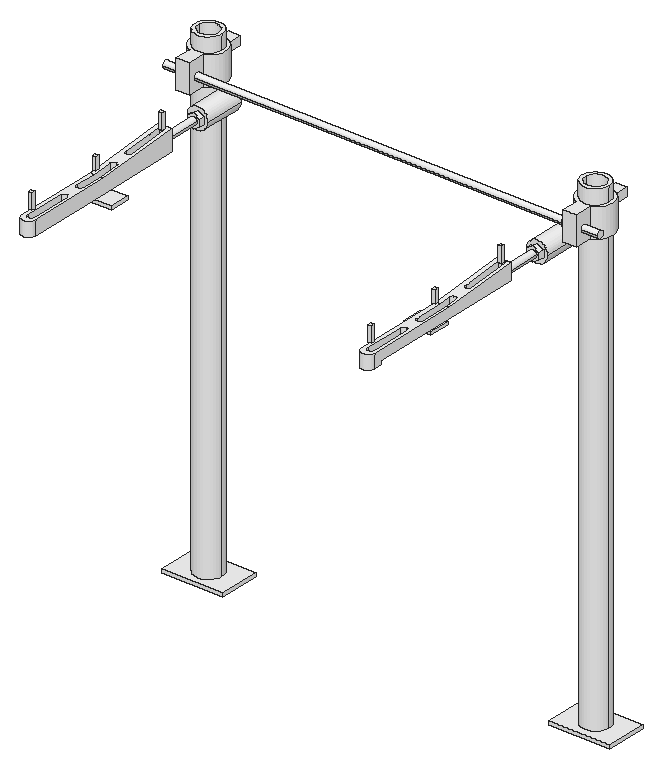
Revit family "Plumbing Fixture-Water_Closet_Carrier_Mifab_MC-41R", category Plumbing Fixtures, host Face, Revit 2013
Parameters
  WFU = 0
  URL = "www.mifab.com"
  Model = "MC-41-R"
  Manufacturer = "MIFAB"
  Floor Drain Material = Paint - Sherwin Williams Paint - #952C2A - Bellwood Red
  Description = "Fixture Carrier With Concealed Arms And Round Uprights"
  Default Elevation = 0.000"
  Assembly Code = ""
Reference planes (in)
  plane 1 "Center (Front/Back)": y = 0
  plane 2: z = 0
  plane 3 "Center (Left/Right)": x = 0
Forms (in)
  Extrusion 1, solid, material "Paint - Sherwin Williams Paint - #952C2A - Bellwood Red" <- "Floor Drain Material"
    sketch origin (-0.29196, 0, 0) x (1, 0, 0) y (0, 1, 0)
      loop
        line (-16.49824, 1.5) -> (-16.49824, -1.5) -> (-11.99824, -1.5) -> (-11.99824, 1.5) -> (-16.49824, 1.5)
      loop
        line (16.50176, 1.5) -> (12.00176, 1.5) -> (12.00176, -1.5) -> (16.50176, -1.5) -> (16.50176, 1.5)
    from 0 to 0.25
  Extrusion 2, solid, material "Paint - Sherwin Williams Paint - #952C2A - Bellwood Red" <- "Floor Drain Material"
    sketch origin (-0.29196, 0, 0) x (1, 0, 0) y (0, 1, 0)
      loop
        circle (14.25176, 0) r 1
      loop
        circle (14.25176, 0) r 0.75
      loop
        circle (-14.24824, 0) r 1
      loop
        circle (-14.24824, 0) r 0.75
    from 0.25 to 36
  Extrusion 3, solid, material "Paint - Sherwin Williams Paint - #952C2A - Bellwood Red" <- "Floor Drain Material"
    sketch origin (11.65492, 0.03947, -1.5) x (0, 1, 0) y (0, 0, 1)
      loop
        line (-6.17964, 33.09919) -> (-6.17964, 34.3425) -> (-11.80094, 33.8507) -> (-18.14504, 33.8507) -> (-18.14504, 33.09919) -> (-6.17964, 33.09919)
    from 0 to 1
  Extrusion 4, solid, material "Paint - Sherwin Williams Paint - #952C2A - Bellwood Red" <- "Floor Drain Material"
    sketch origin (-2.04196, 41.8128, -1.23753) x (1, 0, 0) y (0, 0, 1)
      loop
        circle (14.25176, 33.3507) r 0.25
      loop
        circle (-10.74824, 33.3507) r 0.25
    from 45.38789 to 47.95296
  Extrusion 5, solid, material "Paint - Sherwin Williams Paint - #952C2A - Bellwood Red" <- "Floor Drain Material"
    sketch origin (-0.29196, -1.6872, -1.5) x (1, 0, 0) y (0, 0, 1)
      loop
        line (12.05665, 33.87016) -> (12.05665, 33.35618) -> (12.50176, 33.09919) -> (12.94688, 33.35618) -> (12.94688, 33.87016) -> (12.50176, 34.12715) -> (12.05665, 33.87016)
      loop
        line (-12.05312, 33.87016) -> (-12.49824, 34.12715) -> (-12.94335, 33.87016) -> (-12.94335, 33.35618) -> (-12.49824, 33.09919) -> (-12.05312, 33.35618) -> (-12.05312, 33.87016)
    from 1.5 to 1.88789
  Extrusion 6, solid, material "Paint - Sherwin Williams Paint - #952C2A - Bellwood Red" <- "Floor Drain Material"
    sketch origin (-12.33166, -0.5659, -1.5) x (0, 1, 0) y (0, 0, -1)
      loop
        line (-5.57427, -32.8507) -> (-17.53967, -32.8507) -> (-17.53967, -33.8507) -> (-11.80094, -33.8507) -> (-5.57427, -34.39547) -> (-5.57427, -32.8507)
    from 0 to 1
  Extrusion 7, solid, material "Paint - Sherwin Williams Paint - #952C2A - Bellwood Red" <- "Floor Drain Material"
    sketch origin (1.46157, -1.6872, 31.3507) x (-1, 0, 0) y (0, -1, 0)
      loop
        line (13.79323, 16.41836) -> (14.79323, 16.41836) -> (14.79323, 17)
        arc (14.79323, 17) -> (14.29323, 17.5) -> (13.79323, 17) r 0.5
        line (13.79323, 17) -> (13.79323, 16.41836)
    from 0 to 1
  Extrusion 8, solid, material "Paint - Sherwin Williams Paint - #952C2A - Bellwood Red" <- "Floor Drain Material"
    sketch origin (-2.04196, -1.6872, 31.3507) x (1, 0, 0) y (0, 1, 0)
      loop
        line (13.69688, -16.41836) -> (13.69688, -17)
        arc (13.69688, -17) -> (14.19688, -17.5) -> (14.69688, -17) r 0.5
        line (14.69688, -17) -> (14.69688, -16.41836) -> (13.69688, -16.41836)
    from 0 to 1
  Extrusion 9, void
    sketch origin (-0.29196, -1.6872, -1.5) x (1, 0, 0) y (0, 1, 0)
      loop
        line (-12.74824, -4.80094) -> (-12.74824, -7.80094)
        arc (-12.74824, -7.80094) -> (-12.49824, -8.05094) -> (-12.24824, -7.80094) r 0.25
        line (-12.24824, -7.80094) -> (-12.24824, -4.80094)
        arc (-12.24824, -4.80094) -> (-12.49824, -4.55094) -> (-12.74824, -4.80094) r 0.25
      loop
        line (-12.74824, -9.30094) -> (-12.74824, -12.30094)
        arc (-12.74824, -12.30094) -> (-12.49824, -12.55094) -> (-12.24824, -12.30094) r 0.25
        line (-12.24824, -12.30094) -> (-12.24824, -9.30094)
        arc (-12.24824, -9.30094) -> (-12.49824, -9.05094) -> (-12.74824, -9.30094) r 0.25
      loop
        line (-12.74824, -13.80094) -> (-12.74824, -16.80094)
        arc (-12.74824, -16.80094) -> (-12.49824, -17.05094) -> (-12.24824, -16.80094) r 0.25
        line (-12.24824, -16.80094) -> (-12.24824, -13.80094)
        arc (-12.24824, -13.80094) -> (-12.49824, -13.55094) -> (-12.74824, -13.80094) r 0.25
      loop
        arc (12.75176, -4.80094) -> (12.50176, -4.55094) -> (12.25176, -4.80094) r 0.25
        line (12.25176, -4.80094) -> (12.25176, -7.80094)
        arc (12.25176, -7.80094) -> (12.50176, -8.05094) -> (12.75176, -7.80094) r 0.25
        line (12.75176, -7.80094) -> (12.75176, -4.80094)
      loop
        arc (12.75176, -9.30094) -> (12.50176, -9.05094) -> (12.25176, -9.30094) r 0.25
        line (12.25176, -9.30094) -> (12.25176, -12.30094)
        arc (12.25176, -12.30094) -> (12.50176, -12.55094) -> (12.75176, -12.30094) r 0.25
        line (12.75176, -12.30094) -> (12.75176, -9.30094)
      loop
        arc (12.75176, -13.80094) -> (12.50176, -13.55094) -> (12.25176, -13.80094) r 0.25
        line (12.25176, -13.80094) -> (12.25176, -16.80094)
        arc (12.25176, -16.80094) -> (12.50176, -17.05094) -> (12.75176, -16.80094) r 0.25
        line (12.75176, -16.80094) -> (12.75176, -13.80094)
    from 33.29844 to 34.37564
  Extrusion 10, solid, material "Paint - Sherwin Williams Paint - #952C2A - Bellwood Red" <- "Floor Drain Material"
    sketch origin (-2.04196, -1.6872, -1.5) x (1, 0, 0) y (0, 1, 0)
      loop
        line (14.37676, -16.67594) -> (14.12676, -16.67594) -> (14.12676, -16.92594) -> (14.37676, -16.92594) -> (14.37676, -16.67594)
      loop
        line (14.37676, -4.95816) -> (14.37676, -4.74539) -> (14.12676, -4.74539) -> (14.12676, -4.95816) -> (14.37676, -4.95816)
      loop
        line (-10.87324, -16.67594) -> (-10.87324, -16.92594) -> (-10.62324, -16.92594) -> (-10.62324, -16.67594) -> (-10.87324, -16.67594)
      loop
        line (-10.87324, -4.95816) -> (-10.62324, -4.95816) -> (-10.62324, -4.70816) -> (-10.87324, -4.70816) -> (-10.87324, -4.95816)
    from 33.29844 to 35.51632
  Extrusion 11, solid, material "Paint - Sherwin Williams Paint - #952C2A - Bellwood Red" <- "Floor Drain Material"
    sketch origin (-2.04196, -1.6872, -0.85721) x (1, 0, 0) y (0, 1, 0)
      loop
        line (12.50176, -10.07993) -> (12.50176, -11.57993) -> (14.50176, -11.57993) -> (14.50176, -10.07993) -> (12.50176, -10.07993)
      loop
        line (-8.99824, -10.07993) -> (-10.99824, -10.07993) -> (-10.99824, -11.57993) -> (-8.99824, -11.57993) -> (-8.99824, -10.07993)
    from 31.95792 to 32.20792
  Extrusion 12, solid, material "Paint - Sherwin Williams Paint - #952C2A - Bellwood Red" <- "Floor Drain Material"
    sketch origin (-2.04196, 4.2109, -1.5) x (1, 0, 0) y (0, 1, 0)
      loop
        line (14.37676, -16.67594) -> (14.12676, -16.67594) -> (14.12676, -16.92594) -> (14.37676, -16.92594) -> (14.37676, -16.67594)
      loop
        line (-10.87324, -16.67594) -> (-10.87324, -16.92594) -> (-10.62324, -16.92594) -> (-10.62324, -16.67594) -> (-10.87324, -16.67594)
    from 33.29844 to 35.29844
  Extrusion 13, solid, material "Paint - Sherwin Williams Paint - #952C2A - Bellwood Red" <- "Floor Drain Material"
    sketch origin (63.95522, -0.89604, -2.25) x (0, 1, 0) y (0, 0, 1)
      loop
        circle (-0.85396, 36.06641) r 0.25
    from -80.24542 to -48.24542
  Extrusion 14, solid, material "Paint - Sherwin Williams Paint - #952C2A - Bellwood Red" <- "Floor Drain Material"
    sketch origin (0, 0, 0) x (1, 0, 0) y (0, 1, 0)
      loop
        arc (14.4598, -1.14564) -> (13.96085, 1.25) -> (13.45787, -1.1448) r 1.25
        line (13.45787, -1.1448) -> (13.45787, -2.36891) -> (14.4598, -2.36891) -> (14.4598, -1.14564)
      loop
        circle (13.9598, 0) r 1
      loop
        line (-15.0402, -1.14564) -> (-15.0402, -2.36891) -> (-14.0402, -2.36891) -> (-14.0402, -1.14564)
        arc (-14.0402, -1.14564) -> (-14.5402, 1.25) -> (-15.0402, -1.14564) r 1.25
      loop
        circle (-14.5402, 0) r 1
    from 32.8507 to 34.95792
  Extrusion 15, solid
    sketch origin (0, 0, 0) x (0, 1, 0) y (0, 0, 1)
      loop
        circle (-1.75, 33.81641) r 0.25
      loop
        line (-1.75, 34.21624) -> (-2.09627, 34.01632) -> (-2.09627, 33.61649) -> (-1.75, 33.41657) -> (-1.40373, 33.61649) -> (-1.40373, 34.01632) -> (-1.75, 34.21624)
    from 13.14287 to 13.45787
  Extrusion 16, solid
    sketch origin (0, 0, 0) x (0, 1, 0) y (0, 0, 1)
      loop
        circle (-1.75, 33.81641) r 0.25
      loop
        line (-1.75, 34.21624) -> (-2.09627, 34.01632) -> (-2.09627, 33.61649) -> (-1.75, 33.41657) -> (-1.40373, 33.61649) -> (-1.40373, 34.01632) -> (-1.75, 34.21624)
    from 13.14287 to 13.45787
  Extrusion 17, solid, material "Paint - Sherwin Williams Paint - #952C2A - Bellwood Red" <- "Floor Drain Material"
    sketch origin (0, 0, -1.5) x (1, 0, 0) y (0, 0, 1)
      loop
        circle (-12.7902, 33.61317) r 0.75997
      loop
        circle (12.2098, 33.61317) r 0.75997
    from 0.1872 to 3.1872
  Extrusion 18, solid, material "Paint - Sherwin Williams Paint - #952C2A - Bellwood Red" <- "Floor Drain Material"
    sketch origin (0, 0, 0) x (1, 0, 0) y (0, 1, 0)
      loop
        line (-14.9348, 2.36731) -> (-14.9348, 1.5) -> (-14.83289, 1.5) -> (-14.83289, 1.20868)
        arc (-14.83289, 1.20868) -> (-14.52718, 1.25007) -> (-14.22147, 1.20868) r 1.14965
        line (-14.22147, 1.20868) -> (-14.22147, 1.5) -> (-14.11956, 1.5) -> (-14.11956, 2.36731) -> (-14.9348, 2.36731)
      loop
        line (14.3544, 2.36731) -> (13.53917, 2.36731) -> (13.53917, 1.5) -> (13.64107, 1.5) -> (13.64107, 1.20868)
        arc (13.64107, 1.20868) -> (13.94678, 1.25007) -> (14.2525, 1.20868) r 1.14965
        line (14.2525, 1.20868) -> (14.2525, 1.5) -> (14.3544, 1.5) -> (14.3544, 2.36731)
    from 34.66394 to 34.01632
Cuts and joins
  Extrusion 9 cuts Extrusion 3
  Extrusion 9 cuts Extrusion 6
  Extrusion 9 cuts Extrusion 7
  Extrusion 9 cuts Extrusion 8
  Extrusion 9 cuts Extrusion 10
  Extrusion 9 cuts Extrusion 12
  joined: Extrusion 2, Extrusion 3, Extrusion 5, Extrusion 6, Extrusion 7, Extrusion 8, Extrusion 10, Extrusion 11, Extrusion 12, Extrusion 13, Extrusion 14, Extrusion 17
Dimensions and locks (in)
  Extrusion 1 sketch curve to Extrusion 1 sketch curve = 24.000"  (x2)
  locked: Extrusion 1 sketch curve to Extrusion 1 sketch curve at 4.5  (x2)
  aligned and locked: plane 2 to host face
  aligned and locked: level to host face
  aligned and locked: Extrusion 2 to Extrusion 1
  aligned and locked: Extrusion 6 to Extrusion 4
  aligned and locked: Extrusion 5 to Extrusion 4
  aligned and locked: Extrusion 8 to cut or joined group 1 (Extrusion 2, Extrusion 3, Extrusion 5, Extrusion 6, Extrusion 7, Extrusion 8, Extrusion 9, Extrusion 10, Extrusion 11, Extrusion 12, Extrusion 13, Extrusion 14, Extrusion 17)
  aligned and locked: Extrusion 6 to cut or joined group 1  (x2)
  aligned and locked: Extrusion 3 to Extrusion 8
  aligned and locked: Extrusion 8 to Extrusion 3
  aligned and locked: Extrusion 15 to Extrusion 14
  aligned and locked: Extrusion 17 to cut or joined group 1
  aligned and locked: Extrusion 18 to cut or joined group 1
